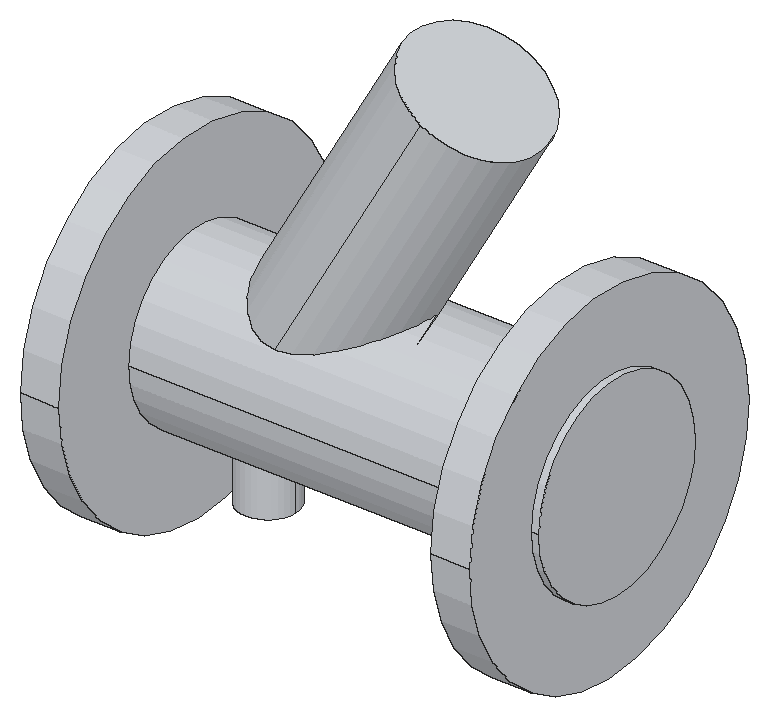
Revit family "HS 821-síto_standard-PN25-DN040-RFA_2018", category Pipe Accessories, Revit 2018
Family settings
  Round Connector Dimension = Use Diameter
  Part Type = Breaks Into
  Work Plane-Based = No
  Always vertical = Yes
  Cut with Voids When Loaded = No
  Shared = No
Parameters (values of type "821D-DN040-PN25-síto_standard")
  magiProductId = "c54511bd7f584ec2984291479612cb"
  magiProductFamilyId = "79214ac3aaa945e397802f559f5c1e"
  magiPartTypeId = 307
  isMeasuringValve [instance] = no
  ang2D [instance] = 0.00°
  ZB__ve = -ZB  # -24.5 mm
  ZB1 = 34.02 mm
  ZB = 24.5 mm
  X2 = 75.777 mm
  X1 = 28 mm
  W2D = 15 mm
  VersionID = "2.0/2017.9.26.1/ZETKAMA_821_001"
  Use Minimum Symbol Size [instance] = yes
  URL = "www.hydronic.cz"
  Type Comments = "Filtr přírubový; síto standardní; A-PN16 (-10~300°C); D-PN25 (-10~350°C); F-PN40 (-10~400°C)"
  S = 84 mm
  QmdConnectorList = "301;D;302;D"
  Productdata [instance] = ""
  Manufacturer = "Hydronic Systems Prague s.r.o."
  MC Product Code = "200 240 (821D; DN040; PN25; kvs37,7; oko síta 1,00mm)"
  LM1 = 16 mm
  LM = 160 mm
  L4 = 50 mm
  L2D_Min = 3048 mm
  L2D = 130 mm
  L2 = 100 mm
  HH2 = 131.25 mm
  FD = 150 mm
  Description = "Filtr přírubový; síto standardní; 821A-PN16; 821D-PN25; 821F-PN40"
  DM1 = 60 mm
  DM = 75.6 mm
  D = 40 mm
  CC = 3.4 mm
  CAT0 = yes
  C1 = 16.6 mm
  C = 20 mm
  BD = 23.814 mm
Types (40, lengths in mm): name | magiProductId | ZB__ve | ZB1 | ZB | X2 | X1 | S | MC Product Code | LM1 | LM | L4 | L2 | HH2 | FD | DM1 | DM | D | CC | C1 | C | BD
  821A-DN015-PN16-síto_standard | "a71bcfe8b393460598b23e8ddf7dc5" | -16.25 | 18.63 | 16.25 | 46.982 | 18.2 | 46 | "200 115 (821A; DN015; PN16; kvs6,3; oko síta 1,00mm)" | 10.4 | 104 | 32.5 | 65 | 81.375 | 95 | 27.6 | 41.4 | 15 | 2.21 | 10.79 | 13 | 13.041
  821A-DN020-PN16-síto_standard | "41cd6c7a12924f4991217528336076" | -17.75 | 22.68 | 17.75 | 51.673 | 21 | 56 | "200 120 (821A; DN020; PN16; kvs11,2; oko síta 1,00mm)" | 12 | 120 | 37.5 | 75 | 89.5 | 105 | 33.6 | 50.4 | 20 | 2.55 | 12.45 | 15 | 15.876
  821A-DN025-PN16-síto_standard | "be378b463ed14c3abf4c9b3ae8cf3a" | -19.25 | 26.325 | 19.25 | 58.601 | 22.4 | 65 | "200 125 (821A; DN025; PN16; kvs14,7; oko síta 1,00mm)" | 12.8 | 128 | 40 | 80 | 101.5 | 115 | 43.2 | 58.5 | 25 | 2.72 | 13.28 | 16 | 18.427
  821A-DN032-PN16-síto_standard | "227a0d18b21540afabe8b6067d35fa" | -23 | 30.78 | 23 | 68.849 | 25.2 | 76 | "200 132 (821A; DN032; PN16; kvs23,7; oko síta 1,00mm)" | 14.4 | 144 | 45 | 90 | 119.25 | 140 | 50.4 | 68.4 | 32 | 3.06 | 14.94 | 18 | 21.546
  821A-DN040-PN16-síto_standard | "d106917c74724141a10440112d0102" | -24.5 | 34.02 | 24.5 | 75.777 | 28 | 84 | "200 140 (821A; DN040; PN16; kvs37,7; oko síta 1,00mm)" | 16 | 160 | 50 | 100 | 131.25 | 150 | 60 | 75.6 | 40 | 3.4 | 16.6 | 20 | 23.814
  821A-DN050-PN16-síto_standard | "8255d456a09e4f6486734f5dd9171b" | -26.75 | 40.095 | 26.75 | 79.061 | 32.2 | 99 | "200 150 (821A; DN050 PN16; kvs57,9; oko síta 1,00mm)" | 18.4 | 184 | 57.5 | 115 | 136.938 | 165 | 73.8 | 89.1 | 50 | 3.91 | 19.09 | 23 | 28.066
  821A-DN065-PN16-síto_standard | "235b1b3e4c0843779a4d5e3716d40a" | -29.75 | 47.79 | 29.75 | 86.927 | 40.6 | 118 | "200 165 (821A; DN065; PN16; kvs101,5; oko síta 1,25mm)" | 23.2 | 232 | 72.5 | 145 | 150.562 | 185 | 94.2 | 106.2 | 65 | 4.93 | 24.07 | 29 | 33.453
  821A-DN080-PN16-síto_standard | "a067f7c5236348ed8c820d16df7214" | -32 | 53.46 | 32 | 104.753 | 43.4 | 132 | "200 180 (821A; DN080; PN16; kvs147,4; oko síta 1,25mm)" | 24.8 | 248 | 77.5 | 155 | 181.438 | 200 | 107.4 | 118.8 | 80 | 5.27 | 25.73 | 31 | 37.422
  821A-DN100-PN16-síto_standard | "c49a648c2747461285837d643703cd" | -35 | 63.18 | 35 | 114.857 | 49 | 156 | "200 190 (821A; DN100; PN16; kvs209,6; oko síta 1,60mm)" | 28 | 280 | 87.5 | 175 | 198.937 | 220 | 131.4 | 140.4 | 100 | 5.95 | 29.05 | 35 | 44.226
  821A-DN125-PN16-síto_standard | "bf68e728a163493cbd2a663b26ebdc" | -39.5 | 74.52 | 39.5 | 131.888 | 56 | 184 | "200 191 (821A; DN125; PN16; kvs326,2; oko síta 1,60mm)" | 32 | 320 | 100 | 200 | 228.438 | 250 | 165 | 165.6 | 125 | 6.8 | 33.2 | 40 | 52.164
  821A-DN150-PN16-síto_standard | "2de770284b654863ae6bc865769dc5" | -44.75 | 85.455 | 44.75 | 155.885 | 67.2 | 211 | "200 192 (821A; DN150; PN16; kvs403; oko síta 1,60mm)" | 38.4 | 384 | 120 | 240 | 270 | 285 | 192 | 189.9 | 150 | 8.16 | 39.84 | 48 | 59.818
  821A-DN200-PN16-síto_standard | "8e5693371ab64aabb29a7f08c76e15" | -53 | 107.73 | 53 | 188.361 | 84 | 266 | "200 193 (821A; DN200; PN16; kvs707; oko síta 1,60mm)" | 48 | 480 | 150 | 300 | 326.25 | 340 | 252 | 239.4 | 200 | 10.2 | 49.8 | 60 | 75.411
  821A-DN250-PN16-síto_standard | "05e37ed948c34047acdd4c42556504" | -62.75 | 129.195 | 62.75 | 255.911 | 102.2 | 319 | "200 194 (821A; DN250; PN16; kvs1234; oko síta 1,60mm)" | 58.4 | 584 | 182.5 | 365 | 443.25 | 405 | 309.6 | 287.1 | 250 | 12.41 | 60.59 | 73 | 90.436
  821A-DN300-PN16-síto_standard | "9ad0af747269428da925480d83ce80" | -71 | 149.85 | 71 | 325.914 | 119 | 370 | "200 195 (821A; DN300; PN16; kvs1916; oko síta 1,60mm)" | 68 | 680 | 212.5 | 425 | 564.5 | 460 | 369.6 | 333 | 300 | 14.45 | 70.55 | 85 | 104.895
  821A-DN350-PN16-síto_standard | "eebc71459bb3451bb4355e7951370a" | -80 | 173.745 | 80 | 356.875 | 137.2 | 429 | "200 196 (821A; DN350; PN16; kvs2621; oko síta 1,60mm)" | 78.4 | 784 | 245 | 490 | 618.125 | 520 | 438 | 386.1 | 350 | 16.66 | 81.34 | 98 | 121.621
  821A-DN400-PN16-síto_standard | "d2f677cb196647e385b2590e7d8abe" | -89 | 194.4 | 89 | 392.237 | 154 | 480 | "200 197 (821A; DN400; PN16; kvs3460; oko síta 1,60mm)" | 88 | 880 | 275 | 550 | 679.375 | 580 | 498 | 432 | 400 | 18.7 | 91.3 | 110 | 136.08
  821D-DN015-PN25-síto_standard | "27ddcbf555414f8ca1fde329bf9087" | -16.25 | 18.63 | 16.25 | 46.982 | 18.2 | 46 | "200 215 (821D; DN015; PN25; kvs6,3; oko síta 1,00mm)" | 10.4 | 104 | 32.5 | 65 | 81.375 | 95 | 27.6 | 41.4 | 15 | 2.21 | 10.79 | 13 | 13.041
  821D-DN020-PN25-síto_standard | "270e0f14012f47189cd0235c18faee" | -17.75 | 22.68 | 17.75 | 51.673 | 21 | 56 | "200 220 (821D; DN020; PN25; kvs11,2; oko síta 1,00mm)" | 12 | 120 | 37.5 | 75 | 89.5 | 105 | 33.6 | 50.4 | 20 | 2.55 | 12.45 | 15 | 15.876
  821D-DN025-PN25-síto_standard | "b9a7fb4aa36643878c637d8e1ab992" | -19.25 | 26.325 | 19.25 | 58.601 | 22.4 | 65 | "200 225 (821D; DN025; PN25; kvs14,7; oko síta 1,00mm)" | 12.8 | 128 | 40 | 80 | 101.5 | 115 | 43.2 | 58.5 | 25 | 2.72 | 13.28 | 16 | 18.427
  821D-DN032-PN25-síto_standard | "6be9a55c4e68400f94eec7e804204c" | -23 | 30.78 | 23 | 68.849 | 25.2 | 76 | "200 232 (821D; DN032; PN25; kvs23,7; oko síta 1,00mm)" | 14.4 | 144 | 45 | 90 | 119.25 | 140 | 50.4 | 68.4 | 32 | 3.06 | 14.94 | 18 | 21.546
  821D-DN040-PN25-síto_standard | "c54511bd7f584ec2984291479612cb" | -24.5 | 34.02 | 24.5 | 75.777 | 28 | 84 | "200 240 (821D; DN040; PN25; kvs37,7; oko síta 1,00mm)" | 16 | 160 | 50 | 100 | 131.25 | 150 | 60 | 75.6 | 40 | 3.4 | 16.6 | 20 | 23.814
  821D-DN050-PN25-síto_standard | "5483b1f596b04cd39b23a14a22c90e" | -26.75 | 40.095 | 26.75 | 79.061 | 32.2 | 99 | "200 250 (821D; DN050; PN25; kvs57,9; oko síta 1,00mm)" | 18.4 | 184 | 57.5 | 115 | 136.938 | 165 | 73.8 | 89.1 | 50 | 3.91 | 19.09 | 23 | 28.066
  821D-DN065-PN25-síto_standard | "767b0f8318e94750bc7a9930ed5b30" | -29.75 | 47.79 | 29.75 | 86.927 | 40.6 | 118 | "200 265 (821D; DN065; PN25; kvs101,5; oko síta 1,25mm)" | 23.2 | 232 | 72.5 | 145 | 150.562 | 185 | 94.2 | 106.2 | 65 | 4.93 | 24.07 | 29 | 33.453
  821D-DN080-PN25-síto_standard | "e21040fa3cc2404b858198f6b73709" | -32 | 53.46 | 32 | 104.753 | 43.4 | 132 | "200 280 (821D; DN080; PN25; kvs147,4; oko síta 1,25mm)" | 24.8 | 248 | 77.5 | 155 | 181.438 | 200 | 107.4 | 118.8 | 80 | 5.27 | 25.73 | 31 | 37.422
  821D-DN100-PN25-síto_standard | "175ca87a506b40b3bc6b82f12f33cf" | -37.25 | 63.18 | 37.25 | 114.857 | 49 | 156 | "200 290 (821D; DN100; PN25; kvs209,6; oko síta 1,60mm)" | 28 | 280 | 87.5 | 175 | 198.937 | 235 | 131.4 | 140.4 | 100 | 5.95 | 29.05 | 35 | 44.226
  821D-DN125-PN25-síto_standard | "77cc98d60da24855999a22dff726b2" | -42.5 | 74.52 | 42.5 | 131.888 | 56 | 184 | "200 291 (821D; DN125; PN25; kvs326,2; oko síta 1,60mm)" | 32 | 320 | 100 | 200 | 228.438 | 270 | 165 | 165.6 | 125 | 6.8 | 33.2 | 40 | 52.164
  821D-DN150-PN25-síto_standard | "9cf8acfcd15547d68e83172d3abcbe" | -47 | 85.455 | 47 | 155.885 | 67.2 | 211 | "200 292 (821D; DN150; PN25; kvs403; oko síta 1,60mm)" | 38.4 | 384 | 120 | 240 | 270 | 300 | 192 | 189.9 | 150 | 8.16 | 39.84 | 48 | 59.818
  821D-DN200-PN25-síto_standard | "16973f3c9ea14389ba8602495a6b64" | -56 | 110.97 | 56 | 188.361 | 84 | 274 | "200 293 (821D; DN200; PN25; kvs707; oko síta 1,60mm)" | 48 | 480 | 150 | 300 | 326.25 | 360 | 252 | 246.6 | 200 | 10.2 | 49.8 | 60 | 77.679
  821F-DN015-PN40-síto_standard | "4c7eaf3c4c0340888b3e684d8a8616" | -16.25 | 18.225 | 16.25 | 46.982 | 18.2 | 45 | "240 615 (821F; DN015; PN40; kvs6,3; oko síta 1,00mm)" | 10.4 | 104 | 32.5 | 65 | 81.375 | 95 | 27.6 | 40.5 | 15 | 2.21 | 10.79 | 13 | 12.757
  821F-DN020-PN40-síto_standard | "aaac5f1ec96b44d6ba96ac2293d66d" | -17.75 | 23.49 | 17.75 | 51.673 | 21 | 58 | "240 620 (821F; DN020; PN40; kvs11,2; oko síta 1,00mm)" | 12 | 120 | 37.5 | 75 | 89.5 | 105 | 33.6 | 52.2 | 20 | 2.55 | 12.45 | 15 | 16.443
  821F-DN025-PN40-síto_standard | "504768023968471481789485b54c7e" | -19.25 | 27.54 | 19.25 | 58.601 | 22.4 | 68 | "240 625 (821F; DN025; PN40; kvs14,7; oko síta 1,00mm)" | 12.8 | 128 | 40 | 80 | 101.5 | 115 | 43.2 | 61.2 | 25 | 2.72 | 13.28 | 16 | 19.278
  821F-DN032-PN40-síto_standard | "165e7f39cf744f329bdf1c400dad12" | -23 | 31.59 | 23 | 68.849 | 25.2 | 78 | "240 632 (821F; DN032; PN40; kvs23,7; oko síta 1,00mm)" | 14.4 | 144 | 45 | 90 | 119.25 | 140 | 50.4 | 70.2 | 32 | 3.06 | 14.94 | 18 | 22.113
  821F-DN040-PN40-síto_standard | "b8903f952089408fbf3a5a632bab1f" | -24.5 | 35.64 | 24.5 | 75.777 | 28 | 88 | "240 640 (821F; DN040; PN40; kvs37,7; oko síta 1,00mm)" | 16 | 160 | 50 | 100 | 131.25 | 150 | 60 | 79.2 | 40 | 3.4 | 16.6 | 20 | 24.948
  821F-DN050-PN40-síto_standard | "c451f97266fe48da8f879cb6a2bd44" | -26.75 | 41.31 | 26.75 | 79.061 | 32.2 | 102 | "240 650 (821F; DN050; PN40; kvs57,9; oko síta 1,00mm)" | 18.4 | 184 | 57.5 | 115 | 136.938 | 165 | 73.8 | 91.8 | 50 | 3.91 | 19.09 | 23 | 28.917
  821F-DN065-PN40-síto_standard | "dc9821e3f9b34e128f6a8c6b34c198" | -29.75 | 49.41 | 29.75 | 86.927 | 40.6 | 122 | "240 665 (821F; DN065; PN40; kvs101,5; oko síta 1,25mm)" | 23.2 | 232 | 72.5 | 145 | 150.562 | 185 | 94.2 | 109.8 | 65 | 4.93 | 24.07 | 29 | 34.587
  821F-DN080-PN40-síto_standard | "689aa1e260f84cf4994f027a1d86b5" | -32 | 55.89 | 32 | 104.753 | 43.4 | 138 | "240 680 (821F; DN080; PN40; kvs147,4; oko síta 1,25mm)" | 24.8 | 248 | 77.5 | 155 | 181.438 | 200 | 107.4 | 124.2 | 80 | 5.27 | 25.73 | 31 | 39.123
  821F-DN100-PN40-síto_standard | "8a45d4e8e2ab425f8c432f21d684f3" | -37.25 | 65.61 | 37.25 | 114.857 | 49 | 162 | "240 690 (821F; DN100; PN40; kvs209,6; oko síta 1,6mm)" | 28 | 280 | 87.5 | 175 | 198.937 | 235 | 131.4 | 145.8 | 100 | 5.95 | 29.05 | 35 | 45.927
  821F-DN125-PN40-síto_standard | "cf073904c006406b8645afa67ea2fc" | -42.5 | 76.14 | 42.5 | 131.888 | 56 | 188 | "240 691 (821F; DN125; PN40; kvs326,2; oko síta 1,6mm)" | 32 | 320 | 100 | 200 | 228.438 | 270 | 165 | 169.2 | 125 | 6.8 | 33.2 | 40 | 53.298
  821F-DN150-PN40-síto_standard | "0153b9ddabe14992a630484929fdbc" | -47 | 88.29 | 47 | 155.885 | 67.2 | 218 | "240 692 (821F; DN150; PN40; kvs403; oko síta 1,6mm)" | 38.4 | 384 | 120 | 240 | 270 | 300 | 192 | 196.2 | 150 | 8.16 | 39.84 | 48 | 61.803
  821F-DN200-PN40-síto_standard | "7fb3fc01dd8d42428c203e3f8dd4d5" | -56 | 115.425 | 56 | 188.361 | 84 | 285 | "240 693 (821F; DN200; PN40; kvs707; oko síta 1,6mm)" | 48 | 480 | 150 | 300 | 326.25 | 360 | 252 | 256.5 | 200 | 10.2 | 49.8 | 60 | 80.797
Reference planes
  plane 1 "Center (Front/Back)": y = 0
  plane 2 "XYPLANE": z = 0
  plane 3 "Center (Left/Right)": x = 0
  plane 4 "109": x = -64
  plane 5 "108": x = 80
  plane 6 "107": x = -80
  plane 7 "105": x = 100
  plane 8 "104": x = -100
  plane 9 "103": y = 0
  plane 10 "102": z = 0
  plane 11 "101": x = -96.6
  plane 12 "100": x = 96.6
  plane 13 "11": x = -36
  plane 14 "10": z = 131.25
  plane 15 "9": x = 39.777
  plane 16 "5": z = -34.02
  plane 17 "4": x = -50
  plane 18 "1": x = 50
Forms (mm)
  Extrusion 1, solid, visible <- "CAT0"
    sketch origin (-80, -750, 0) x (0, 1, 0) y (0, 0, 1)
      loop
        circle (750, 0) r 37.8
    from 0 to 160 <- "LM"
  Extrusion 2, solid
    sketch origin (-100, -750, 0) x (0, 1, 0) y (0, 0, 1)
      loop
        circle (750, 0) r 42
    from 0 to 3.4 <- "CC"
  Extrusion 3, solid
    sketch origin (-96.6, -750, 0) x (0, 1, 0) y (0, 0, 1)
      loop
        circle (750, 0) r 75
    from 0 to 16.6 <- "C1"
  Extrusion 4, solid
    sketch origin (80, -750, 0) x (0, 1, 0) y (0, 0, 1)
      loop
        circle (750, 0) r 75
    from 0 to 16.6 <- "C1"
  Extrusion 5, solid
    sketch origin (96.6, -750, 0) x (0, 1, 0) y (0, 0, 1)
      loop
        circle (750, 0) r 42
    from 0 to 3.4 <- "CC"
  Sweep 6, solid, visible <- "CAT0"
    path origin (750, 0, 0) x (-1, 0, 0) y (0, 0, 1)
      loop
        line (830, 0) -> (786, 0) -> (710.223, 131.25)
    profile origin (-80, 0, 0) x (0, 0, -1) y (0, 1, 0)
      loop
        circle (0, 0) r 30
  Extrusion 7, solid, visible <- "CAT0"
    sketch origin (-750, 0, -34.02) x (1, 0, 0) y (0, 1, 0)
      loop
        circle (700, 0) r 11.907
    from 0 to -24.5 <- "ZB__ve"
  Extrusion 8, solid, visible <- "CAT0"
    sketch origin (-750, 0, -34.02) x (1, 0, 0) y (0, 1, 0)
      loop
        circle (800, 0) r 11.907
    from 0 to -24.5 <- "ZB__ve"
  Extrusion 9, solid, not visible
    sketch origin (100, -750, 0) x (0, 1, 0) y (0, 0, 1)
      loop
        circle (750, 0) r 10
    from 0 to -10
  Extrusion 10, solid, not visible
    sketch origin (-100, -750, 0) x (0, 1, 0) y (0, 0, 1)
      loop
        circle (750, 0) r 10
    from 0 to 10
Lines and regions (mm)
  reference lines, not visible
    curve 1: circle (2, 2, 0) r 1 normal (0, 0, 1)
Dimensions and locks
  plane 1 "Center (Front/Back)" to curve 1 = 2 mm
  "LM1": plane 6 "107" to plane 4 "109"
  "LM": plane 6 "107" to plane 5 "108"
  "C": plane 8 "104" to plane 6 "107"
  "L2": plane 3 "Center (Left/Right)" to plane 7 "105"
  "L2": plane 3 "Center (Left/Right)" to plane 8 "104"
  locked: plane 1 "Center (Front/Back)" to plane 9 "103"
  locked: plane 2 "XYPLANE" to plane 10 "102"
  "CC": plane 8 "104" to plane 11 "101"
  "C1": plane 5 "108" to plane 12 "100"
  "X1": plane 4 "109" to plane 13 "11"
  "HH2": plane 2 "XYPLANE" to plane 14 "10"
  "X2": plane 13 "11" to plane 15 "9"
  "ZB1": plane 2 "XYPLANE" to plane 16 "5"
  "L4": plane 8 "104" to plane 17 "4"
  "L2": plane 17 "4" to plane 18 "1"
  Sweep 6 sketch curve to Sweep 6 sketch curve = 0 mm  (x2)
  "DM": diameter of Extrusion 1 sketch curve
  "S": diameter of Extrusion 2 sketch curve
  "FD": diameter of Extrusion 3 sketch curve
  "FD": diameter of Extrusion 4 sketch curve
  "S": diameter of Extrusion 5 sketch curve
  "DM1": diameter of Sweep 6 sketch curve
  "BD": diameter of Extrusion 7 sketch curve
  "BD": diameter of Extrusion 8 sketch curve
  aligned and locked: level to plane 2 "XYPLANE"
  aligned and locked: Extrusion 1 sketch curve to plane 9 "103"
  aligned and locked: plane 10 "102" to Extrusion 1 sketch curve
  aligned and locked: Extrusion 2 sketch curve to plane 9 "103"
  aligned and locked: plane 10 "102" to Extrusion 2 sketch curve
  aligned and locked: Extrusion 3 sketch curve to plane 9 "103"
  aligned and locked: plane 10 "102" to Extrusion 3 sketch curve
  aligned and locked: Extrusion 4 sketch curve to plane 9 "103"
  aligned and locked: plane 10 "102" to Extrusion 4 sketch curve
  aligned and locked: Extrusion 5 sketch curve to plane 9 "103"
  aligned and locked: plane 10 "102" to Extrusion 5 sketch curve
  aligned and locked: Sweep 6 sketch curve to plane 9 "103"
  aligned and locked: plane 10 "102" to Sweep 6 sketch curve  (x3)
  aligned and locked: plane 6 "107" to Sweep 6 sketch curve
  aligned and locked: plane 13 "11" to Sweep 6 sketch curve
  aligned and locked: plane 14 "10" to Sweep 6 sketch curve
  aligned and locked: plane 15 "9" to Sweep 6 sketch curve
  aligned and locked: plane 9 "103" to Extrusion 7 sketch curve
  aligned and locked: plane 17 "4" to Extrusion 7 sketch curve
  aligned and locked: plane 9 "103" to Extrusion 8 sketch curve
  aligned and locked: plane 18 "1" to Extrusion 8 sketch curve
  aligned and locked: Extrusion 9 sketch curve to plane 9 "103"
  aligned and locked: plane 10 "102" to Extrusion 9 sketch curve
  aligned and locked: Extrusion 10 sketch curve to plane 9 "103"
  aligned and locked: plane 10 "102" to Extrusion 10 sketch curve
Automatic sketch dimensions
  plane 1 "Center (Front/Back)" to Extrusion 9 sketch curve = 10 mm
  plane 1 "Center (Front/Back)" to Extrusion 10 sketch curve = 10 mm
  plane 3 "Center (Left/Right)" to curve 1 = 2 mm
  radius of curve 1 = 1 mm
Connectors
  piping at (-100, 0, 0), diameter 40, driven by "D"
    settings: on Extrusion 10, index 1, connector inside diameter 609.6 mm, connector length 0 mm, flow factor 0, pipe flow 0.0 L/s, pressure drop 0.0 Pa, fitting loss kfactor 0, connector angle 0.00°, fixture units 0, engagement length 0 mm, angle of deflection 0.00°, flow configuration 0, flow direction 0, fitting loss method 0, system type 29, joint type 0, gender type 0, connector reference index 2, connector utility 0, adjustable connector no, is connector primary yes, connector description ""
  piping at (100, 0, 0), diameter 40, driven by "D"
    settings: on Extrusion 9, index 2, connector inside diameter 609.6 mm, connector length 0 mm, flow factor 0, pipe flow 0.0 L/s, pressure drop 0.0 Pa, fitting loss kfactor 0, connector angle 0.00°, fixture units 0, engagement length 0 mm, angle of deflection 0.00°, flow configuration 0, flow direction 0, fitting loss method 0, system type 29, joint type 0, gender type 0, connector reference index 1, connector utility 0, adjustable connector no, is connector primary no, connector description ""
